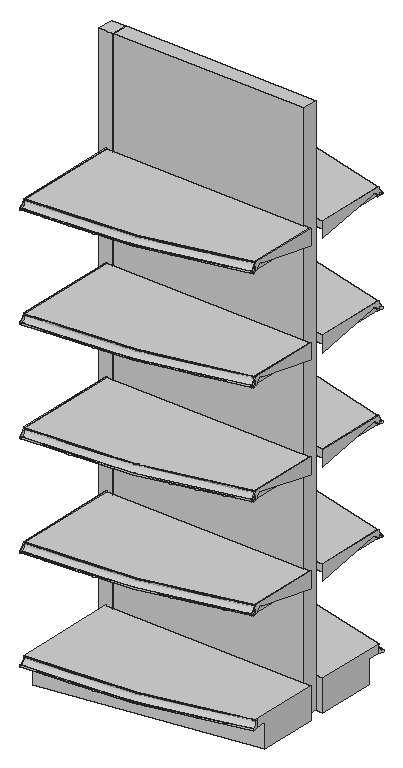
Revit family "ML17", category Specialty Equipment, Revit 2012
Parameters (values of type "Half Radius Convex Small to Big (Default)")
  Width = 3' - 0"
  URL = "http://www.madixinc.com/display/maxiline/shelvesaccessories/halfradiusbase.html"
  Model = "Maxi Line"
  Manufacturer = "© 2012 Madix, Inc. All rights reserved."
  "Front" Base Shelf [instance] = yes
  "Front" 2' Shelf [instance] = yes
  "Front" 3' 6" Shelf [instance] = yes
  "Front" 5' Shelf [instance] = yes
  "Front" 6' 6" Shelf [instance] = yes
  Height = 8' - 0"
  "Back" Base Shelf [instance] = yes
  "Back" 2' Shelf [instance] = yes
  "Back" 3' 6" Shelf [instance] = yes
  "Back" 5' Shelf [instance] = yes
  "Back" 6' 6" Shelf [instance] = yes
  "Front" Shelf Depth = 1' - 6"
  "Back" Shelf Depth = 1' - 6"
Reference planes (in)
  plane 1 "Center (Front/Back)": y = 0
  plane 2: z = 0
  plane 3 "Center (Left/Right)": x = 0
  plane 4: x = -18
  plane 5: x = 18
  plane 6: y = 1.375
  plane 7: y = -1.375
  plane 8: z = 96
  plane 9: x = -19.25
  plane 10: x = -16.75
  plane 11: x = 19.25
  plane 12: x = 16.75
  plane 13: y = -20.25
  plane 14: y = -14.25
  plane 15: y = 20.25
  plane 16: y = 14.25
  plane 17: x = -19.25
  plane 18: x = 19.25
  plane 19: y = -19.375
  plane 20: y = 19.375
  plane 21: y = -13.375
  plane 22: y = 13.375
  plane 23: y = -13.25
  plane 24: y = -19.25
  plane 25: y = 13.25
  plane 26: y = 19.25
  plane 27: x = -17.875
  plane 28: x = 17.875
  plane 29: y = -17.375
  plane 30: y = 17.375
  plane 31: y = -11.375
  plane 32: y = 11.375
  plane 33: z = 5.5
  plane 34: z = 4.125
  plane 35: z = 23.5
  plane 36: z = 41.5
  plane 37: z = 59.5
  plane 38: z = 77.5
  plane 39: z = 22.125
  plane 40: z = 40.125
  plane 41: z = 58.125
  plane 42: z = 76.125
Forms (in)
  Extrusion 1, solid, material "Metal - Steel"
    sketch origin (0, 0, 0) x (1, 0, 0) y (0, 1, 0)
      loop
        line (-16.71875, -1.375) -> (16.71875, -1.375) -> (16.71875, 1.375) -> (-16.71875, 1.375) -> (-16.71875, -1.375)
      loop
        line (-16.75, 1.375) -> (-19.25, 1.375) -> (-19.25, -1.375) -> (-16.75, -1.375) -> (-16.75, 1.375)
    from 0 to 96
  Extrusion 2, solid, material "Metal - Steel", visible <- ""Front" Base Shelf"
    sketch origin (0, 0, 0) x (1, 0, 0) y (0, 1, 0)
      loop
        line (-18, -1.375) -> (-18, -17.375) -> (18, -11.375) -> (18, -1.375) -> (-18, -1.375)
    from 0 to 4.125
  Extrusion 3, solid, material "Metal - Steel", visible <- ""Front" Base Shelf"
    sketch origin (0, 0, 0) x (1, 0, 0) y (0, 1, 0)
      loop
        line (-18, -1.375) -> (-18, -19.25) -> (-17.875, -19.25)
        arc (-17.875, -19.25) -> (0.28456, -17.57775) -> (18, -13.25) r 123.52118
        line (18, -13.25) -> (18, -1.375) -> (-18, -1.375)
    from 4.125 to 5.5
  Extrusion 4, solid, material "Metal - Steel", visible <- ""Back" Base Shelf"
    sketch origin (0, 0, 0) x (1, 0, 0) y (0, 1, 0)
      loop
        line (-18, 1.375) -> (18, 1.375) -> (18, 11.375) -> (-18, 17.375) -> (-18, 1.375)
    from 0 to 4.125
  Extrusion 5, solid, material "Metal - Steel", visible <- ""Back" Base Shelf"
    sketch origin (0, 0, 0) x (1, 0, 0) y (0, 1, 0)
      loop
        line (-18, 1.375) -> (18, 1.375) -> (18, 13.25)
        arc (18, 13.25) -> (0.28456, 17.57775) -> (-17.875, 19.25) r 123.52118
        line (-17.875, 19.25) -> (-18, 19.25) -> (-18, 1.375)
    from 4.125 to 5.5
  Sweep 6, solid, material "Metal - Steel", visible <- ""Front" Base Shelf"
    path in 3D
      loop
        line (-18, -19.25, 5.5) -> (-17.875, -19.25, 5.5)
        arc (-17.875, -19.25, 5.5) -> (0.28456, -17.57775, 5.5) -> (18, -13.25, 5.5) r 123.52118
    profile origin (-17.9375, -19.25, 5.5) x (0, 1, 0) y (0, 0, 1)
      loop
        line (0, 0) -> (-0.25, 0) -> (-0.25, -0.125) -> (-0.125, -0.125)
        arc (-0.125, -0.125) -> (-0.38696, -0.76286) -> (-0.875, -1.25) r 1.75
        line (-0.875, -1.25) -> (-0.875, -1.125) -> (-1, -1.125) -> (-1, -1.375) -> (0, -1.375) -> (0, 0)
  Sweep 7, solid, material "Metal - Steel", visible <- ""Back" Base Shelf"
    path in 3D
      loop
        arc (18, 13.25, 5.5) -> (0.28456, 17.57775, 5.5) -> (-17.875, 19.25, 5.5) r 123.52118
        line (-17.875, 19.25, 5.5) -> (-18, 19.25, 5.5)
    profile origin (-17.9375, 19.25, 5.5) x (0, -1, 0) y (0, 0, 1)
      loop
        line (0, 0) -> (-0.25, 0) -> (-0.25, -0.125) -> (-0.125, -0.125)
        arc (-0.125, -0.125) -> (-0.38696, -0.76286) -> (-0.875, -1.25) r 1.75
        line (-0.875, -1.25) -> (-0.875, -1.125) -> (-1, -1.125) -> (-1, -1.375) -> (0, -1.375) -> (0, 0)
  Extrusion 8, solid, material "Metal - Steel", visible <- ""Front" 2' Shelf"
    sketch origin (0, 0, 0) x (1, 0, 0) y (0, 1, 0)
      loop
        line (-17.875, -1.375) -> (-17.875, -19.25) -> (-17.75, -19.25)
        arc (-17.75, -19.25) -> (0.28602, -17.57718) -> (17.875, -13.25) r 121.89023
        line (17.875, -13.25) -> (17.875, -1.375) -> (-17.875, -1.375)
    from 22.125 to 23.5
  Extrusion 9, solid, material "Metal - Steel", visible <- ""Back" 2' Shelf"
    sketch origin (0, 0, 0) x (1, 0, 0) y (0, 1, 0)
      loop
        line (-17.875, 1.375) -> (17.875, 1.375) -> (17.875, 13.25)
        arc (17.875, 13.25) -> (0.28602, 17.57718) -> (-17.75, 19.25) r 121.89023
        line (-17.75, 19.25) -> (-17.875, 19.25) -> (-17.875, 1.375)
    from 22.125 to 23.5
  Sweep 10, solid, material "Metal - Steel", visible <- ""Front" 2' Shelf"
    path in 3D
      loop
        line (-17.875, -19.25, 23.5) -> (-17.75, -19.25, 23.5)
        arc (-17.75, -19.25, 23.5) -> (0.28602, -17.57718, 23.5) -> (17.875, -13.25, 23.5) r 121.89023
    profile origin (-17.8125, -19.25, 23.5) x (0, 1, 0) y (0, 0, 1)
      loop
        line (0, 0) -> (-0.25, 0) -> (-0.25, -0.125) -> (-0.125, -0.125)
        arc (-0.125, -0.125) -> (-0.38696, -0.76286) -> (-0.875, -1.25) r 1.75
        line (-0.875, -1.25) -> (-0.875, -1.125) -> (-1, -1.125) -> (-1, -1.375) -> (0, -1.375) -> (0, 0)
  Sweep 11, solid, material "Metal - Steel", visible <- ""Back" 2' Shelf"
    path in 3D
      loop
        arc (17.875, 13.25, 23.5) -> (0.28602, 17.57718, 23.5) -> (-17.75, 19.25, 23.5) r 121.89023
        line (-17.75, 19.25, 23.5) -> (-17.875, 19.25, 23.5)
    profile origin (-17.8125, 19.25, 23.5) x (0, -1, 0) y (0, 0, 1)
      loop
        line (0, 0) -> (-0.25, 0) -> (-0.25, -0.125) -> (-0.125, -0.125)
        arc (-0.125, -0.125) -> (-0.38696, -0.76286) -> (-0.875, -1.25) r 1.75
        line (-0.875, -1.25) -> (-0.875, -1.125) -> (-1, -1.125) -> (-1, -1.375) -> (0, -1.375) -> (0, 0)
  Extrusion 12, solid, material "Metal - Steel", visible <- ""Front" 3' 6" Shelf"
    sketch origin (0, 0, 0) x (1, 0, 0) y (0, 1, 0)
      loop
        line (-17.875, -1.375) -> (-17.875, -19.25) -> (-17.75, -19.25)
        arc (-17.75, -19.25) -> (0.28602, -17.57718) -> (17.875, -13.25) r 121.89023
        line (17.875, -13.25) -> (17.875, -1.375) -> (-17.875, -1.375)
    from 40.125 to 41.5
  Extrusion 13, solid, material "Metal - Steel", visible <- ""Front" 5' Shelf"
    sketch origin (0, 0, 0) x (1, 0, 0) y (0, 1, 0)
      loop
        line (-17.875, -1.375) -> (-17.875, -19.25) -> (-17.75, -19.25)
        arc (-17.75, -19.25) -> (0.28602, -17.57718) -> (17.875, -13.25) r 121.89023
        line (17.875, -13.25) -> (17.875, -1.375) -> (-17.875, -1.375)
    from 58.125 to 59.5
  Extrusion 14, solid, material "Metal - Steel", visible <- ""Front" 6' 6" Shelf"
    sketch origin (0, 0, 0) x (1, 0, 0) y (0, 1, 0)
      loop
        line (-17.875, -1.375) -> (-17.875, -19.25) -> (-17.75, -19.25)
        arc (-17.75, -19.25) -> (0.28602, -17.57718) -> (17.875, -13.25) r 121.89023
        line (17.875, -13.25) -> (17.875, -1.375) -> (-17.875, -1.375)
    from 76.125 to 77.5
  Extrusion 15, solid, material "Metal - Steel", visible <- ""Back" 3' 6" Shelf"
    sketch origin (0, 0, 0) x (1, 0, 0) y (0, 1, 0)
      loop
        line (-17.875, 1.375) -> (17.875, 1.375) -> (17.875, 13.25)
        arc (17.875, 13.25) -> (0.28602, 17.57718) -> (-17.75, 19.25) r 121.89023
        line (-17.75, 19.25) -> (-17.875, 19.25) -> (-17.875, 1.375)
    from 40.125 to 41.5
  Extrusion 16, solid, material "Metal - Steel", visible <- ""Back" 5' Shelf"
    sketch origin (0, 0, 0) x (1, 0, 0) y (0, 1, 0)
      loop
        line (-17.875, 1.375) -> (17.875, 1.375) -> (17.875, 13.25)
        arc (17.875, 13.25) -> (0.28602, 17.57718) -> (-17.75, 19.25) r 121.89023
        line (-17.75, 19.25) -> (-17.875, 19.25) -> (-17.875, 1.375)
    from 58.125 to 59.5
  Extrusion 17, solid, material "Metal - Steel", visible <- ""Back" 6' 6" Shelf"
    sketch origin (0, 0, 0) x (1, 0, 0) y (0, 1, 0)
      loop
        line (-17.875, 1.375) -> (17.875, 1.375) -> (17.875, 13.25)
        arc (17.875, 13.25) -> (0.28602, 17.57718) -> (-17.75, 19.25) r 121.89023
        line (-17.75, 19.25) -> (-17.875, 19.25) -> (-17.875, 1.375)
    from 76.125 to 77.5
  Extrusion 18, solid, material "Metal - Steel", visible <- ""Front" 2' Shelf"
    sketch origin (0, 0, 0) x (0, 1, 0) y (0, 0, 1)
      loop
        line (-1.375, 23.5) -> (-19.5, 23.5) -> (-19.5, 23.375)
        arc (-19.5, 23.375) -> (-19.81743, 22.83182) -> (-20.25, 22.375) r 2.75
        line (-20.25, 22.375) -> (-20.25, 22.125) -> (-19.25, 22.125) -> (-19.25, 22.375) -> (-18.5, 23) -> (-18.25, 23) -> (-18.25, 22.875) -> (-1.375, 20.75) -> (-1.375, 23.5)
      loop
        circle (-3.5, 23) r 0.125
      loop
        circle (-16.25, 23) r 0.125
    from -18 to -17.875
  Extrusion 19, solid, material "Metal - Steel", visible <- ""Back" 2' Shelf"
    sketch origin (0, 0, 0) x (0, -1, 0) y (0, 0, -1)
      loop
        line (-1.375, -23.5) -> (-1.375, -20.75) -> (-18.25, -22.875) -> (-18.25, -23) -> (-18.5, -23) -> (-19.25, -22.375) -> (-19.25, -22.125) -> (-20.25, -22.125) -> (-20.25, -22.375)
        arc (-20.25, -22.375) -> (-19.81743, -22.83182) -> (-19.5, -23.375) r 2.75
        line (-19.5, -23.375) -> (-19.5, -23.5) -> (-1.375, -23.5)
      loop
        circle (-9.5, -23) r 0.125
      loop
        circle (-16.25, -23) r 0.125
    from -18 to -17.875
  Extrusion 20, solid, material "Metal - Steel", visible <- ""Front" 2' Shelf"
    sketch origin (0, 0, 0) x (0, 1, 0) y (0, 0, 1)
      loop
        line (-1.375, 23.5) -> (-13.5, 23.5) -> (-13.5, 23.375)
        arc (-13.5, 23.375) -> (-13.81743, 22.83182) -> (-14.25, 22.375) r 2.75
        line (-14.25, 22.375) -> (-14.25, 22.125) -> (-13.25, 22.125) -> (-13.25, 22.375) -> (-12.5, 23) -> (-12.25, 23) -> (-12.25, 22.875) -> (-1.375, 20.75) -> (-1.375, 23.5)
      loop
        circle (-3.5, 23) r 0.125
      loop
        circle (-10.25, 23) r 0.125
    from 17.875 to 18
  Extrusion 21, solid, material "Metal - Steel", visible <- ""Back" 2' Shelf"
    sketch origin (0, 0, 0) x (0, -1, 0) y (0, 0, -1)
      loop
        line (-1.375, -23.5) -> (-1.375, -20.75) -> (-12.25, -22.875) -> (-12.25, -23) -> (-12.5, -23) -> (-13.25, -22.375) -> (-13.25, -22.125) -> (-14.25, -22.125) -> (-14.25, -22.375)
        arc (-14.25, -22.375) -> (-13.81743, -22.83182) -> (-13.5, -23.375) r 2.75
        line (-13.5, -23.375) -> (-13.5, -23.5) -> (-1.375, -23.5)
      loop
        circle (-3.5, -23) r 0.125
      loop
        circle (-10.25, -23) r 0.125
    from 17.875 to 18
  Sweep 22, solid, material "Metal - Steel", visible <- ""Front" 5' Shelf"
    path in 3D
      loop
        line (-17.875, -19.25, 59.5) -> (-17.75, -19.25, 59.5)
        arc (-17.75, -19.25, 59.5) -> (0.28602, -17.57718, 59.5) -> (17.875, -13.25, 59.5) r 121.89023
    profile origin (-17.8125, -19.25, 59.5) x (0, 1, 0) y (0, 0, 1)
      loop
        line (0, 0) -> (-0.25, 0) -> (-0.25, -0.125) -> (-0.125, -0.125)
        arc (-0.125, -0.125) -> (-0.38696, -0.76286) -> (-0.875, -1.25) r 1.74999
        line (-0.875, -1.25) -> (-0.875, -1.125) -> (-1, -1.125) -> (-1, -1.375) -> (0, -1.375) -> (0, 0)
  Sweep 23, solid, material "Metal - Steel", visible <- ""Front" 6' 6" Shelf"
    path in 3D
      loop
        line (-17.875, -19.25, 77.5) -> (-17.75, -19.25, 77.5)
        arc (-17.75, -19.25, 77.5) -> (0.28602, -17.57718, 77.5) -> (17.875, -13.25, 77.5) r 121.89023
    profile origin (-17.8125, -19.25, 77.5) x (0, 1, 0) y (0, 0, 1)
      loop
        line (0, 0) -> (-0.25, 0) -> (-0.25, -0.125) -> (-0.125, -0.125)
        arc (-0.125, -0.125) -> (-0.38696, -0.76286) -> (-0.875, -1.25) r 1.74999
        line (-0.875, -1.25) -> (-0.875, -1.125) -> (-1, -1.125) -> (-1, -1.375) -> (0, -1.375) -> (0, 0)
  Sweep 24, solid, material "Metal - Steel", visible <- ""Back" 3' 6" Shelf"
    path in 3D
      loop
        arc (17.875, 13.25, 41.5) -> (0.28602, 17.57718, 41.5) -> (-17.75, 19.25, 41.5) r 121.89023
        line (-17.75, 19.25, 41.5) -> (-17.875, 19.25, 41.5)
    profile origin (-17.8125, 19.25, 41.5) x (0, -1, 0) y (0, 0, 1)
      loop
        arc (-0.125, -0.125) -> (-0.38696, -0.76286) -> (-0.875, -1.25) r 1.75
        line (-0.875, -1.25) -> (-0.875, -1.125) -> (-1, -1.125) -> (-1, -1.375) -> (0, -1.375) -> (0, 0) -> (-0.25, 0) -> (-0.25, -0.125) -> (-0.125, -0.125)
  Sweep 25, solid, material "Metal - Steel", visible <- ""Back" 5' Shelf"
    path in 3D
      loop
        arc (17.875, 13.25, 59.5) -> (0.28602, 17.57718, 59.5) -> (-17.75, 19.25, 59.5) r 121.89023
        line (-17.75, 19.25, 59.5) -> (-17.875, 19.25, 59.5)
    profile origin (-17.8125, 19.25, 59.5) x (0, -1, 0) y (0, 0, 1)
      loop
        arc (-0.125, -0.125) -> (-0.38696, -0.76286) -> (-0.875, -1.25) r 1.75
        line (-0.875, -1.25) -> (-0.875, -1.125) -> (-1, -1.125) -> (-1, -1.375) -> (0, -1.375) -> (0, 0) -> (-0.25, 0) -> (-0.25, -0.125) -> (-0.125, -0.125)
  Sweep 26, solid, material "Metal - Steel", visible <- ""Back" 6' 6" Shelf"
    path in 3D
      loop
        arc (17.875, 13.25, 77.5) -> (0.28602, 17.57718, 77.5) -> (-17.75, 19.25, 77.5) r 121.89023
        line (-17.75, 19.25, 77.5) -> (-17.875, 19.25, 77.5)
    profile origin (-17.8125, 19.25, 77.5) x (0, -1, 0) y (0, 0, 1)
      loop
        arc (-0.125, -0.125) -> (-0.38696, -0.76286) -> (-0.875, -1.25) r 1.74999
        line (-0.875, -1.25) -> (-0.875, -1.125) -> (-1, -1.125) -> (-1, -1.375) -> (0, -1.375) -> (0, 0) -> (-0.25, 0) -> (-0.25, -0.125) -> (-0.125, -0.125)
  Extrusion 27, solid, material "Metal - Steel", visible <- ""Front" 3' 6" Shelf"
    sketch origin (0, 0, 18) x (0, 1, 0) y (0, 0, 1)
      loop
        line (-1.375, 23.5) -> (-19.5, 23.5) -> (-19.5, 23.375)
        arc (-19.5, 23.375) -> (-19.81743, 22.83182) -> (-20.25, 22.375) r 2.75
        line (-20.25, 22.375) -> (-20.25, 22.125) -> (-19.25, 22.125) -> (-19.25, 22.375) -> (-18.5, 23) -> (-18.25, 23) -> (-18.25, 22.875) -> (-1.375, 20.75) -> (-1.375, 23.5)
      loop
        circle (-3.5, 23) r 0.125
      loop
        circle (-16.25, 23) r 0.125
    from -18 to -17.875
  Extrusion 28, solid, material "Metal - Steel", visible <- ""Front" 5' Shelf"
    sketch origin (0, 0, 36) x (0, 1, 0) y (0, 0, 1)
      loop
        line (-1.375, 23.5) -> (-19.5, 23.5) -> (-19.5, 23.375)
        arc (-19.5, 23.375) -> (-19.81743, 22.83182) -> (-20.25, 22.375) r 2.75
        line (-20.25, 22.375) -> (-20.25, 22.125) -> (-19.25, 22.125) -> (-19.25, 22.375) -> (-18.5, 23) -> (-18.25, 23) -> (-18.25, 22.875) -> (-1.375, 20.75) -> (-1.375, 23.5)
      loop
        circle (-3.5, 23) r 0.125
      loop
        circle (-16.25, 23) r 0.125
    from -18 to -17.875
  Extrusion 29, solid, material "Metal - Steel", visible <- ""Front" 6' 6" Shelf"
    sketch origin (0, 0, 54) x (0, 1, 0) y (0, 0, 1)
      loop
        line (-1.375, 23.5) -> (-19.5, 23.5) -> (-19.5, 23.375)
        arc (-19.5, 23.375) -> (-19.81743, 22.83182) -> (-20.25, 22.375) r 2.75
        line (-20.25, 22.375) -> (-20.25, 22.125) -> (-19.25, 22.125) -> (-19.25, 22.375) -> (-18.5, 23) -> (-18.25, 23) -> (-18.25, 22.875) -> (-1.375, 20.75) -> (-1.375, 23.5)
      loop
        circle (-3.5, 23) r 0.125
      loop
        circle (-16.25, 23) r 0.125
    from -18 to -17.875
  Extrusion 30, solid, material "Metal - Steel", visible <- ""Back" 6' 6" Shelf"
    sketch origin (0, 0, 54) x (0, -1, 0) y (0, 0, -1)
      loop
        line (-1.375, -23.5) -> (-1.375, -20.75) -> (-18.25, -22.875) -> (-18.25, -23) -> (-18.5, -23) -> (-19.25, -22.375) -> (-19.25, -22.125) -> (-20.25, -22.125) -> (-20.25, -22.375)
        arc (-20.25, -22.375) -> (-19.81743, -22.83182) -> (-19.5, -23.375) r 2.75
        line (-19.5, -23.375) -> (-19.5, -23.5) -> (-1.375, -23.5)
      loop
        circle (-3.5, -23) r 0.125
      loop
        circle (-16.25, -23) r 0.125
    from -18 to -17.875
  Extrusion 31, solid, material "Metal - Steel", visible <- ""Back" 5' Shelf"
    sketch origin (0, 0, 36) x (0, -1, 0) y (0, 0, -1)
      loop
        line (-1.375, -23.5) -> (-1.375, -20.75) -> (-18.25, -22.875) -> (-18.25, -23) -> (-18.5, -23) -> (-19.25, -22.375) -> (-19.25, -22.125) -> (-20.25, -22.125) -> (-20.25, -22.375)
        arc (-20.25, -22.375) -> (-19.81743, -22.83182) -> (-19.5, -23.375) r 2.75
        line (-19.5, -23.375) -> (-19.5, -23.5) -> (-1.375, -23.5)
      loop
        circle (-3.5, -23) r 0.125
      loop
        circle (-16.25, -23) r 0.125
    from -18 to -17.875
  Extrusion 32, solid, material "Metal - Steel", visible <- ""Back" 3' 6" Shelf"
    sketch origin (0, 0, 18) x (0, -1, 0) y (0, 0, -1)
      loop
        line (-1.375, -23.5) -> (-1.375, -20.75) -> (-18.25, -22.875) -> (-18.25, -23) -> (-18.5, -23) -> (-19.25, -22.375) -> (-19.25, -22.125) -> (-20.25, -22.125) -> (-20.25, -22.375)
        arc (-20.25, -22.375) -> (-19.81743, -22.83182) -> (-19.5, -23.375) r 2.75
        line (-19.5, -23.375) -> (-19.5, -23.5) -> (-1.375, -23.5)
      loop
        circle (-3.5, -23) r 0.125
      loop
        circle (-16.25, -23) r 0.125
    from -18 to -17.875
  Extrusion 33, solid, material "Metal - Steel", visible <- ""Back" 3' 6" Shelf"
    sketch origin (0, 0, 18) x (0, -1, 0) y (0, 0, -1)
      loop
        line (-1.375, -23.5) -> (-1.375, -20.75) -> (-12.25, -22.875) -> (-12.25, -23) -> (-12.5, -23) -> (-13.25, -22.375) -> (-13.25, -22.125) -> (-14.25, -22.125) -> (-14.25, -22.375)
        arc (-14.25, -22.375) -> (-13.81743, -22.83182) -> (-13.5, -23.375) r 2.75
        line (-13.5, -23.375) -> (-13.5, -23.5) -> (-1.375, -23.5)
      loop
        circle (-3.5, -23) r 0.125
      loop
        circle (-10.25, -23) r 0.125
    from 17.875 to 18
  Extrusion 34, solid, material "Metal - Steel", visible <- ""Back" 5' Shelf"
    sketch origin (0, 0, 36) x (0, -1, 0) y (0, 0, -1)
      loop
        line (-1.375, -23.5) -> (-1.375, -20.75) -> (-12.25, -22.875) -> (-12.25, -23) -> (-12.5, -23) -> (-13.25, -22.375) -> (-13.25, -22.125) -> (-14.25, -22.125) -> (-14.25, -22.375)
        arc (-14.25, -22.375) -> (-13.81743, -22.83182) -> (-13.5, -23.375) r 2.75
        line (-13.5, -23.375) -> (-13.5, -23.5) -> (-1.375, -23.5)
      loop
        circle (-3.5, -23) r 0.125
      loop
        circle (-10.25, -23) r 0.125
    from 17.875 to 18
  Extrusion 35, solid, material "Metal - Steel", visible <- ""Back" 6' 6" Shelf"
    sketch origin (0, 0, 54) x (0, -1, 0) y (0, 0, -1)
      loop
        line (-1.375, -23.5) -> (-1.375, -20.75) -> (-12.25, -22.875) -> (-12.25, -23) -> (-12.5, -23) -> (-13.25, -22.375) -> (-13.25, -22.125) -> (-14.25, -22.125) -> (-14.25, -22.375)
        arc (-14.25, -22.375) -> (-13.81743, -22.83182) -> (-13.5, -23.375) r 2.75
        line (-13.5, -23.375) -> (-13.5, -23.5) -> (-1.375, -23.5)
      loop
        circle (-3.5, -23) r 0.125
      loop
        circle (-10.25, -23) r 0.125
    from 17.875 to 18
  Extrusion 36, solid, material "Metal - Steel", visible <- ""Front" 6' 6" Shelf"
    sketch origin (0, 0, 54) x (0, 1, 0) y (0, 0, 1)
      loop
        line (-1.375, 23.5) -> (-13.5, 23.5) -> (-13.5, 23.375)
        arc (-13.5, 23.375) -> (-13.81743, 22.83182) -> (-14.25, 22.375) r 2.75
        line (-14.25, 22.375) -> (-14.25, 22.125) -> (-13.25, 22.125) -> (-13.25, 22.375) -> (-12.5, 23) -> (-12.25, 23) -> (-12.25, 22.875) -> (-1.375, 20.75) -> (-1.375, 23.5)
      loop
        circle (-3.5, 23) r 0.125
      loop
        circle (-10.25, 23) r 0.125
    from 17.875 to 18
  Extrusion 37, solid, material "Metal - Steel", visible <- ""Front" 5' Shelf"
    sketch origin (0, 0, 36) x (0, 1, 0) y (0, 0, 1)
      loop
        line (-1.375, 23.5) -> (-13.5, 23.5) -> (-13.5, 23.375)
        arc (-13.5, 23.375) -> (-13.81743, 22.83182) -> (-14.25, 22.375) r 2.75
        line (-14.25, 22.375) -> (-14.25, 22.125) -> (-13.25, 22.125) -> (-13.25, 22.375) -> (-12.5, 23) -> (-12.25, 23) -> (-12.25, 22.875) -> (-1.375, 20.75) -> (-1.375, 23.5)
      loop
        circle (-3.5, 23) r 0.125
      loop
        circle (-10.25, 23) r 0.125
    from 17.875 to 18
  Extrusion 38, solid, material "Metal - Steel", visible <- ""Front" 3' 6" Shelf"
    sketch origin (0, 0, 18) x (0, 1, 0) y (0, 0, 1)
      loop
        line (-1.375, 23.5) -> (-13.5, 23.5) -> (-13.5, 23.375)
        arc (-13.5, 23.375) -> (-13.81743, 22.83182) -> (-14.25, 22.375) r 2.75
        line (-14.25, 22.375) -> (-14.25, 22.125) -> (-13.25, 22.125) -> (-13.25, 22.375) -> (-12.5, 23) -> (-12.25, 23) -> (-12.25, 22.875) -> (-1.375, 20.75) -> (-1.375, 23.5)
      loop
        circle (-3.5, 23) r 0.125
      loop
        circle (-10.25, 23) r 0.125
    from 17.875 to 18
  Sweep 39, solid, material "Metal - Steel", visible <- ""Front" 3' 6" Shelf"
    path in 3D
      loop
        line (-17.875, -19.25, 41.5) -> (-17.75, -19.25, 41.5)
        arc (-17.75, -19.25, 41.5) -> (0.28602, -17.57718, 41.5) -> (17.875, -13.25, 41.5) r 121.89023
    profile origin (-17.8125, -19.25, 41.5) x (0, 1, 0) y (0, 0, 1)
      loop
        line (0, 0) -> (-0.25, 0) -> (-0.25, -0.125) -> (-0.125, -0.125)
        arc (-0.125, -0.125) -> (-0.38696, -0.76286) -> (-0.875, -1.25) r 1.75
        line (-0.875, -1.25) -> (-0.875, -1.125) -> (-1, -1.125) -> (-1, -1.375) -> (0, -1.375) -> (0, 0)
Cuts and joins
  joined: Extrusion 4, Extrusion 5, Sweep 7
  joined: Extrusion 2, Extrusion 3, Sweep 6
  joined: Extrusion 9, Sweep 11
  joined: Extrusion 8, Sweep 10
  joined: Extrusion 13, Sweep 22
  joined: Extrusion 14, Sweep 23
  joined: Extrusion 15, Sweep 24
  joined: Extrusion 16, Sweep 25
  joined: Extrusion 17, Sweep 26
  joined: Extrusion 12, Sweep 39
Lines and regions (in)
  sketch lines
    curve 1: line (-18, -19.25, 5.5) -> (-17.875, -19.25, 5.5)
    curve 2: arc (18, -13.25, 5.5) -> (0.28456, -17.57775, 5.5) -> (-17.875, -19.25, 5.5) r 123.52118
    curve 3: line (-17.875, 19.25, 5.5) -> (-18, 19.25, 5.5)
    curve 4: arc (-17.875, 19.25, 5.5) -> (0.28456, 17.57775, 5.5) -> (18, 13.25, 5.5) r 123.52118
    curve 5: line (-17.875, -19.25, 23.5) -> (-17.75, -19.25, 23.5)
    curve 6: arc (17.875, -13.25, 23.5) -> (0.28602, -17.57718, 23.5) -> (-17.75, -19.25, 23.5) r 121.89023
    curve 7: line (-17.75, 19.25, 23.5) -> (-17.875, 19.25, 23.5)
    curve 8: arc (-17.75, 19.25, 23.5) -> (0.28602, 17.57718, 23.5) -> (17.875, 13.25, 23.5) r 121.89023
    curve 9: line (-17.875, -19.25, 59.5) -> (-17.75, -19.25, 59.5)
    curve 10: arc (17.875, -13.25, 59.5) -> (0.28602, -17.57718, 59.5) -> (-17.75, -19.25, 59.5) r 121.89023
    curve 11: line (-17.875, -19.25, 77.5) -> (-17.75, -19.25, 77.5)
    curve 12: arc (17.875, -13.25, 77.5) -> (0.28602, -17.57718, 77.5) -> (-17.75, -19.25, 77.5) r 121.89023
    curve 13: line (-17.75, 19.25, 41.5) -> (-17.875, 19.25, 41.5)
    curve 14: arc (-17.75, 19.25, 41.5) -> (0.28602, 17.57718, 41.5) -> (17.875, 13.25, 41.5) r 121.89023
    curve 15: line (-17.75, 19.25, 59.5) -> (-17.875, 19.25, 59.5)
    curve 16: arc (-17.75, 19.25, 59.5) -> (0.28602, 17.57718, 59.5) -> (17.875, 13.25, 59.5) r 121.89023
    curve 17: line (-17.75, 19.25, 77.5) -> (-17.875, 19.25, 77.5)
    curve 18: arc (-17.75, 19.25, 77.5) -> (0.28602, 17.57718, 77.5) -> (17.875, 13.25, 77.5) r 121.89023
    curve 19: line (-17.875, -19.25, 41.5) -> (-17.75, -19.25, 41.5)
    curve 20: arc (17.875, -13.25, 41.5) -> (0.28602, -17.57718, 41.5) -> (-17.75, -19.25, 41.5) r 121.89023
Dimensions and locks (in)
  "Height": plane 8 to level
  equal spacing: plane 4, plane 3 "Center (Left/Right)", plane 5
  "Width": plane 4 to plane 5
  locked: plane 9 to plane 10 at 2.5
  locked: plane 12 to plane 11 at 2.5
  locked: plane 17 to plane 4 at 1.25
  locked: plane 5 to plane 18 at 1.25
  ""Front" Shelf Depth": plane 19 to plane 7
  ""Back" Shelf Depth": plane 6 to plane 20
  locked: plane 21 to plane 19 at 6
  locked: plane 22 to plane 20 at 6
  locked: plane 19 to plane 13 at 0.875
  locked: plane 21 to plane 14 at 0.875
  locked: plane 16 to plane 22 at 0.875
  locked: plane 20 to plane 15 at 0.875
  locked: plane 23 to plane 21 at 0.125
  locked: plane 24 to plane 19 at 0.125
  locked: plane 25 to plane 22 at 0.125
  locked: plane 26 to plane 20 at 0.125
  locked: plane 4 to plane 27 at 0.125
  locked: plane 28 to plane 5 at 0.125
  locked: plane 31 to plane 21 at 2
  locked: plane 29 to plane 19 at 2
  locked: plane 22 to plane 32 at 2
  locked: plane 20 to plane 30 at 2
  aligned and locked: level to plane 2
  aligned and locked: plane 8 to Extrusion 1
  aligned and locked: plane 11 to plane 18
  aligned and locked: plane 9 to plane 17
  aligned and locked: Extrusion 18 to plane 4
  aligned and locked: plane 27 to Extrusion 18
  aligned and locked: Extrusion 20 to plane 5
  aligned and locked: plane 28 to Extrusion 20
  aligned and locked: Extrusion 21 to plane 5
  aligned and locked: plane 28 to Extrusion 21
  aligned and locked: plane 27 to Extrusion 19
  aligned and locked: Extrusion 19 to plane 4
  aligned and locked: Extrusion 30 to plane 4
  aligned and locked: plane 27 to Extrusion 30
  aligned and locked: Extrusion 31 to plane 4
  aligned and locked: plane 27 to Extrusion 31
  aligned and locked: Extrusion 32 to plane 4
  aligned and locked: plane 27 to Extrusion 32
  aligned and locked: Extrusion 35 to plane 5
  aligned and locked: plane 28 to Extrusion 35
  aligned and locked: Extrusion 34 to plane 5
  aligned and locked: plane 28 to Extrusion 34
  aligned and locked: Extrusion 33 to plane 5
  aligned and locked: plane 28 to Extrusion 33
  aligned and locked: Extrusion 36 to plane 5
  aligned and locked: plane 28 to Extrusion 36
  aligned and locked: Extrusion 37 to plane 5
  aligned and locked: plane 28 to Extrusion 37
  aligned and locked: Extrusion 38 to plane 5
  aligned and locked: plane 28 to Extrusion 38
  aligned and locked: Extrusion 29 to plane 4
  aligned and locked: plane 27 to Extrusion 29
  aligned and locked: Extrusion 28 to plane 4
  aligned and locked: plane 27 to Extrusion 28
  aligned and locked: Extrusion 27 to plane 4
  aligned and locked: plane 27 to Extrusion 27
Automatic sketch dimensions
  Extrusion 2 sketch curve to plane 4 = 0' - 0"
  Extrusion 2 sketch curve to plane 5 = 0' - 0"
  plane 29 to Extrusion 2 sketch curve = 0' - 0"
  Extrusion 2 sketch curve to plane 31 = 0' - 0"
  plane 7 to Extrusion 2 sketch curve = 0' - 0"
  Extrusion 3 sketch curve to plane 4 = 0' - 0"
  Extrusion 3 sketch curve to plane 24 = 0' - 0"
  Extrusion 3 sketch curve to plane 27 = 0' - 0"
  Extrusion 3 sketch curve to plane 5 = 0' - 0"
  Extrusion 3 sketch curve to plane 23 = 0' - 0"
  plane 7 to Extrusion 3 sketch curve = 0' - 0"
  Extrusion 3 sketch curve to plane 9 = 0' - 0.84103"
  Extrusion 4 sketch curve to plane 4 = 0' - 0"
  Extrusion 4 sketch curve to plane 5 = 0' - 0"
  Extrusion 4 sketch curve to plane 30 = 0' - 0"
  plane 32 to Extrusion 4 sketch curve = 0' - 0"
  Extrusion 4 sketch curve to plane 6 = 0' - 0"
  Extrusion 5 sketch curve to plane 4 = 0' - 0"
  plane 26 to Extrusion 5 sketch curve = 0' - 0"
  Extrusion 5 sketch curve to plane 27 = 0' - 0"
  Extrusion 5 sketch curve to plane 5 = 0' - 0"
  plane 25 to Extrusion 5 sketch curve = 0' - 0"
  Extrusion 5 sketch curve to plane 6 = 0' - 0"
  plane 9 to Extrusion 5 sketch curve = 0' - 0.84103"
  Sweep 6 sketch curve to profile plane = 0' - 0"  (x2)
  profile plane to Sweep 6 sketch curve = 0' - 0 1/8"
  Sweep 6 sketch curve to Sweep 6 sketch curve = 0' - 0 1/8"  (x5)
  profile plane to Sweep 6 sketch curve = 0' - 0 7/8"
  profile plane to Sweep 6 sketch curve = 0' - 0.20787"
  Sweep 6 sketch curve to Sweep 6 sketch curve = 0' - 0.84305"
  Sweep 7 sketch curve to profile plane = 0' - 0"  (x2)
  profile plane to Sweep 7 sketch curve = 0' - 0 1/8"
  Sweep 7 sketch curve to Sweep 7 sketch curve = 0' - 0 1/8"  (x5)
  profile plane to Sweep 7 sketch curve = 0' - 0 7/8"
  profile plane to Sweep 7 sketch curve = 0' - 0.20787"
  Sweep 7 sketch curve to Sweep 7 sketch curve = 0' - 0.84305"
  plane 7 to Extrusion 8 sketch curve = 0' - 0"
  Extrusion 8 sketch curve to plane 27 = 0' - 0"
  Extrusion 8 sketch curve to plane 24 = 0' - 0"
  Extrusion 8 sketch curve to plane 28 = 0' - 0"
  Extrusion 8 sketch curve to plane 23 = 0' - 0"
  Extrusion 8 sketch curve to plane 9 = 0' - 0.70775"
  plane 27 to Extrusion 8 sketch curve = 0' - 0 1/8"
  Extrusion 9 sketch curve to plane 6 = 0' - 0"
  Extrusion 9 sketch curve to plane 27 = 0' - 0"
  plane 26 to Extrusion 9 sketch curve = 0' - 0"
  Extrusion 9 sketch curve to plane 28 = 0' - 0"
  plane 25 to Extrusion 9 sketch curve = 0' - 0"
  plane 9 to Extrusion 9 sketch curve = 0' - 0.70775"
  Extrusion 9 sketch curve to plane 27 = 0' - 0 1/8"
  Sweep 10 sketch curve to profile plane = 0' - 0"  (x2)
  profile plane to Sweep 10 sketch curve = 0' - 0 1/8"
  Sweep 10 sketch curve to Sweep 10 sketch curve = 0' - 0 1/8"  (x4)
  profile plane to Sweep 10 sketch curve = 0' - 0 7/8"
  profile plane to Sweep 10 sketch curve = 0' - 0.20787"
  Sweep 10 sketch curve to Sweep 10 sketch curve = 0' - 0.84305"
  Sweep 10 sketch curve to profile plane = 0' - 0 1/8"
  Sweep 11 sketch curve to profile plane = 0' - 0"  (x2)
  profile plane to Sweep 11 sketch curve = 0' - 0 1/8"
  Sweep 11 sketch curve to Sweep 11 sketch curve = 0' - 0 1/8"  (x4)
  profile plane to Sweep 11 sketch curve = 0' - 0 7/8"
  profile plane to Sweep 11 sketch curve = 0' - 0.20787"
  Sweep 11 sketch curve to Sweep 11 sketch curve = 0' - 0.84305"
  Sweep 11 sketch curve to profile plane = 0' - 0 1/8"
  Extrusion 12 sketch curve to plane 24 = 0' - 0"
  Extrusion 12 sketch curve to plane 27 = 0' - 0"
  plane 7 to Extrusion 12 sketch curve = 0' - 0"
  Extrusion 12 sketch curve to plane 28 = 0' - 0"
  Extrusion 12 sketch curve to plane 23 = 0' - 0"
  Extrusion 12 sketch curve to plane 9 = 0' - 0.70775"
  plane 27 to Extrusion 12 sketch curve = 0' - 0 1/8"
  Extrusion 13 sketch curve to plane 24 = 0' - 0"
  Extrusion 13 sketch curve to plane 27 = 0' - 0"
  plane 7 to Extrusion 13 sketch curve = 0' - 0"
  Extrusion 13 sketch curve to plane 28 = 0' - 0"
  Extrusion 13 sketch curve to plane 23 = 0' - 0"
  Extrusion 13 sketch curve to plane 9 = 0' - 0.70775"
  plane 27 to Extrusion 13 sketch curve = 0' - 0 1/8"
  Extrusion 14 sketch curve to plane 24 = 0' - 0"
  Extrusion 14 sketch curve to plane 27 = 0' - 0"
  plane 7 to Extrusion 14 sketch curve = 0' - 0"
  Extrusion 14 sketch curve to plane 28 = 0' - 0"
  Extrusion 14 sketch curve to plane 23 = 0' - 0"
  Extrusion 14 sketch curve to plane 9 = 0' - 0.70775"
  plane 27 to Extrusion 14 sketch curve = 0' - 0 1/8"
  plane 26 to Extrusion 15 sketch curve = 0' - 0"
  Extrusion 15 sketch curve to plane 27 = 0' - 0"
  Extrusion 15 sketch curve to plane 6 = 0' - 0"
  Extrusion 15 sketch curve to plane 28 = 0' - 0"
  plane 25 to Extrusion 15 sketch curve = 0' - 0"
  plane 9 to Extrusion 15 sketch curve = 0' - 0.70775"
  Extrusion 15 sketch curve to plane 27 = 0' - 0 1/8"
  plane 26 to Extrusion 16 sketch curve = 0' - 0"
  Extrusion 16 sketch curve to plane 27 = 0' - 0"
  Extrusion 16 sketch curve to plane 6 = 0' - 0"
  Extrusion 16 sketch curve to plane 28 = 0' - 0"
  plane 25 to Extrusion 16 sketch curve = 0' - 0"
  plane 9 to Extrusion 16 sketch curve = 0' - 0.70775"
  Extrusion 16 sketch curve to plane 27 = 0' - 0 1/8"
  plane 26 to Extrusion 17 sketch curve = 0' - 0"
  Extrusion 17 sketch curve to plane 27 = 0' - 0"
  Extrusion 17 sketch curve to plane 6 = 0' - 0"
  Extrusion 17 sketch curve to plane 28 = 0' - 0"
  plane 25 to Extrusion 17 sketch curve = 0' - 0"
  plane 9 to Extrusion 17 sketch curve = 0' - 0.70775"
  Extrusion 17 sketch curve to plane 27 = 0' - 0 1/8"
  Extrusion 18 sketch curve to plane 13 = 0' - 0"
  plane 35 to Extrusion 18 sketch curve = 0' - 0"
  Extrusion 18 sketch curve to plane 24 = 0' - 0"
  Extrusion 18 sketch curve to plane 7 = 0' - 0"
  plane 39 to Extrusion 18 sketch curve = 0' - 0"
  Extrusion 18 sketch curve to plane 35 = 0' - 0.98182"
  Extrusion 18 sketch curve to plane 13 = 0' - 1.76743"
  Extrusion 18 sketch curve to plane 19 = 0' - 0 1/8"
  plane 24 to Extrusion 18 sketch curve = 0' - 0 3/4"
  Extrusion 18 sketch curve to Extrusion 18 sketch curve = 0' - 0 1/4"  (x3)
  plane 35 to Extrusion 18 sketch curve = 0' - 0 1/2"  (x2)
  Extrusion 18 sketch curve to plane 29 = 0' - 1 1/8"
  plane 7 to Extrusion 18 sketch curve = 0' - 2 1/8"
  plane 39 to Extrusion 18 sketch curve = 0' - 1 3/8"
  plane 35 to Extrusion 18 sketch curve = 0' - 0 5/8"
  Extrusion 18 sketch curve to Extrusion 18 sketch curve = 0' - 0 1/8"
  Extrusion 19 sketch curve to plane 15 = 0' - 0"
  plane 35 to Extrusion 19 sketch curve = 0' - 0"
  Extrusion 19 sketch curve to plane 26 = 0' - 0"
  Extrusion 19 sketch curve to plane 6 = 0' - 0"
  plane 39 to Extrusion 19 sketch curve = 0' - 0"
  plane 35 to Extrusion 19 sketch curve = 0' - 0.98182"
  plane 15 to Extrusion 19 sketch curve = 0' - 1.76743"
  plane 20 to Extrusion 19 sketch curve = 0' - 0 1/8"
  Extrusion 19 sketch curve to plane 26 = 0' - 0 3/4"
  Extrusion 19 sketch curve to Extrusion 19 sketch curve = 0' - 0 1/4"
  Extrusion 19 sketch curve to plane 35 = 0' - 0 1/2"  (x2)
  plane 30 to Extrusion 19 sketch curve = 0' - 1 1/8"
  Extrusion 19 sketch curve to plane 32 = 0' - 1 7/8"
  Extrusion 19 sketch curve to plane 39 = 0' - 1 3/8"
  plane 39 to Extrusion 19 sketch curve = 0' - 0 1/4"  (x2)
  Extrusion 19 sketch curve to plane 35 = 0' - 0 5/8"
  Extrusion 19 sketch curve to Extrusion 19 sketch curve = 0' - 0 1/8"
  Extrusion 20 sketch curve to plane 14 = 0' - 0"
  plane 35 to Extrusion 20 sketch curve = 0' - 0"
  Extrusion 20 sketch curve to plane 23 = 0' - 0"
  Extrusion 20 sketch curve to plane 7 = 0' - 0"
  plane 39 to Extrusion 20 sketch curve = 0' - 0"
  Extrusion 20 sketch curve to plane 29 = 0' - 1.35757"
  Extrusion 20 sketch curve to plane 21 = 0' - 0 1/8"
  plane 23 to Extrusion 20 sketch curve = 0' - 0 3/4"
  Extrusion 20 sketch curve to Extrusion 20 sketch curve = 0' - 0 1/4"  (x3)
  plane 35 to Extrusion 20 sketch curve = 0' - 0 1/2"  (x2)
  plane 31 to Extrusion 20 sketch curve = 0' - 1 1/8"
  plane 7 to Extrusion 20 sketch curve = 0' - 2 1/8"
  plane 39 to Extrusion 20 sketch curve = 0' - 1 3/8"
  plane 35 to Extrusion 20 sketch curve = 0' - 0 5/8"
  Extrusion 20 sketch curve to Extrusion 20 sketch curve = 0' - 0 1/8"
  plane 35 to Extrusion 20 sketch curve = 0' - 0 1/8"
  Extrusion 21 sketch curve to plane 16 = 0' - 0"
  plane 35 to Extrusion 21 sketch curve = 0' - 0"
  Extrusion 21 sketch curve to plane 25 = 0' - 0"
  Extrusion 21 sketch curve to plane 6 = 0' - 0"
  plane 39 to Extrusion 21 sketch curve = 0' - 0"
  plane 30 to Extrusion 21 sketch curve = 0' - 1.35757"
  plane 22 to Extrusion 21 sketch curve = 0' - 0 1/8"
  Extrusion 21 sketch curve to plane 25 = 0' - 0 3/4"
  Extrusion 21 sketch curve to Extrusion 21 sketch curve = 0' - 0 1/4"  (x3)
  Extrusion 21 sketch curve to plane 35 = 0' - 0 1/2"  (x2)
  Extrusion 21 sketch curve to plane 32 = 0' - 1 1/8"
  Extrusion 21 sketch curve to plane 6 = 0' - 2 1/8"
  Extrusion 21 sketch curve to plane 39 = 0' - 1 3/8"
  Extrusion 21 sketch curve to plane 35 = 0' - 0 5/8"
  Extrusion 21 sketch curve to Extrusion 21 sketch curve = 0' - 0 1/8"  (x2)
  Sweep 22 sketch curve to profile plane = 0' - 0"  (x2)
  profile plane to Sweep 22 sketch curve = 0' - 0 1/8"
  Sweep 22 sketch curve to Sweep 22 sketch curve = 0' - 0 1/8"  (x4)
  profile plane to Sweep 22 sketch curve = 0' - 0 7/8"
  profile plane to Sweep 22 sketch curve = 0' - 0.20786"
  Sweep 22 sketch curve to Sweep 22 sketch curve = 0' - 0.84305"
  Sweep 22 sketch curve to profile plane = 0' - 0 1/8"
  Sweep 23 sketch curve to profile plane = 0' - 0"  (x2)
  profile plane to Sweep 23 sketch curve = 0' - 0 1/8"
  Sweep 23 sketch curve to Sweep 23 sketch curve = 0' - 0 1/8"  (x4)
  profile plane to Sweep 23 sketch curve = 0' - 0 7/8"
  profile plane to Sweep 23 sketch curve = 0' - 0.20786"
  Sweep 23 sketch curve to Sweep 23 sketch curve = 0' - 0.84305"
  Sweep 23 sketch curve to profile plane = 0' - 0 1/8"
  Sweep 24 sketch curve to profile plane = 0' - 0"  (x2)
  profile plane to Sweep 24 sketch curve = 0' - 0 1/8"
  Sweep 24 sketch curve to Sweep 24 sketch curve = 0' - 0 1/8"  (x4)
  profile plane to Sweep 24 sketch curve = 0' - 0 7/8"
  profile plane to Sweep 24 sketch curve = 0' - 0.20787"
  Sweep 24 sketch curve to Sweep 24 sketch curve = 0' - 0.84305"
  Sweep 24 sketch curve to profile plane = 0' - 0 1/8"
  profile plane to Sweep 25 sketch curve = 0' - 0.20787"
  profile plane to Sweep 25 sketch curve = 0' - 1.84305"
  profile plane to Sweep 25 sketch curve = 0' - 1"
  Sweep 25 sketch curve to Sweep 25 sketch curve = 0' - 0 1/8"  (x3)
  Sweep 25 sketch curve to profile plane = 0' - 0"  (x2)
  profile plane to Sweep 25 sketch curve = 0' - 0 1/4"
  profile plane to Sweep 25 sketch curve = 0' - 0 1/8"
  Sweep 25 sketch curve to profile plane = 0' - 0 1/8"
  Sweep 26 sketch curve to profile plane = 0' - 0"  (x2)
  profile plane to Sweep 26 sketch curve = 0' - 0 1/8"
  Sweep 26 sketch curve to Sweep 26 sketch curve = 0' - 0 1/8"  (x4)
  profile plane to Sweep 26 sketch curve = 0' - 0 7/8"
  profile plane to Sweep 26 sketch curve = 0' - 0.20786"
  Sweep 26 sketch curve to Sweep 26 sketch curve = 0' - 0.84305"
  Sweep 26 sketch curve to profile plane = 0' - 0 1/8"
  Extrusion 27 sketch curve to plane 13 = 0' - 0"
  Extrusion 27 sketch curve to plane 36 = 0' - 0"
  Extrusion 27 sketch curve to plane 24 = 0' - 0"
  Extrusion 27 sketch curve to plane 7 = 0' - 0"
  plane 40 to Extrusion 27 sketch curve = 0' - 0"
  plane 36 to Extrusion 27 sketch curve = 0' - 0.98182"
  Extrusion 27 sketch curve to plane 13 = 0' - 1.76743"
  Extrusion 27 sketch curve to plane 19 = 0' - 0 1/8"
  plane 24 to Extrusion 27 sketch curve = 0' - 0 3/4"
  Extrusion 27 sketch curve to Extrusion 27 sketch curve = 0' - 0 1/4"  (x3)
  Extrusion 27 sketch curve to plane 36 = 0' - 0 1/2"  (x2)
  Extrusion 27 sketch curve to plane 29 = 0' - 1 1/8"
  plane 7 to Extrusion 27 sketch curve = 0' - 2 1/8"
  plane 40 to Extrusion 27 sketch curve = 0' - 1 3/8"
  Extrusion 27 sketch curve to plane 36 = 0' - 0 5/8"
  Extrusion 27 sketch curve to Extrusion 27 sketch curve = 0' - 0 1/8"
  Extrusion 28 sketch curve to plane 13 = 0' - 0"
  Extrusion 28 sketch curve to plane 37 = 0' - 0"
  Extrusion 28 sketch curve to plane 24 = 0' - 0"
  Extrusion 28 sketch curve to plane 7 = 0' - 0"
  Extrusion 28 sketch curve to plane 41 = 0' - 0"
  plane 37 to Extrusion 28 sketch curve = 0' - 0.98182"
  Extrusion 28 sketch curve to plane 13 = 0' - 1.76743"
  Extrusion 28 sketch curve to plane 19 = 0' - 0 1/8"
  plane 24 to Extrusion 28 sketch curve = 0' - 0 3/4"
  Extrusion 28 sketch curve to Extrusion 28 sketch curve = 0' - 0 1/4"  (x3)
  Extrusion 28 sketch curve to plane 37 = 0' - 0 1/2"  (x2)
  Extrusion 28 sketch curve to plane 29 = 0' - 1 1/8"
  plane 7 to Extrusion 28 sketch curve = 0' - 2 1/8"
  Extrusion 28 sketch curve to plane 41 = 0' - 1 3/8"
  Extrusion 28 sketch curve to plane 37 = 0' - 0 5/8"
  Extrusion 28 sketch curve to Extrusion 28 sketch curve = 0' - 0 1/8"
  Extrusion 29 sketch curve to plane 13 = 0' - 0"
  plane 38 to Extrusion 29 sketch curve = 0' - 0"
  Extrusion 29 sketch curve to plane 24 = 0' - 0"
  Extrusion 29 sketch curve to plane 7 = 0' - 0"
  Extrusion 29 sketch curve to plane 42 = 0' - 0"
  Extrusion 29 sketch curve to plane 38 = 0' - 0.98182"
  Extrusion 29 sketch curve to plane 13 = 0' - 1.76743"
  Extrusion 29 sketch curve to plane 19 = 0' - 0 1/8"
  plane 24 to Extrusion 29 sketch curve = 0' - 0 3/4"
  Extrusion 29 sketch curve to Extrusion 29 sketch curve = 0' - 0 1/4"  (x3)
  plane 38 to Extrusion 29 sketch curve = 0' - 0 1/2"  (x2)
  Extrusion 29 sketch curve to plane 29 = 0' - 1 1/8"
  plane 7 to Extrusion 29 sketch curve = 0' - 2 1/8"
  Extrusion 29 sketch curve to plane 42 = 0' - 1 3/8"
  plane 38 to Extrusion 29 sketch curve = 0' - 0 5/8"
  Extrusion 29 sketch curve to Extrusion 29 sketch curve = 0' - 0 1/8"
  Extrusion 30 sketch curve to plane 15 = 0' - 0"
  plane 38 to Extrusion 30 sketch curve = 0' - 0"
  Extrusion 30 sketch curve to plane 26 = 0' - 0"
  Extrusion 30 sketch curve to plane 6 = 0' - 0"
  Extrusion 30 sketch curve to plane 42 = 0' - 0"
  plane 38 to Extrusion 30 sketch curve = 0' - 0.98182"
  plane 15 to Extrusion 30 sketch curve = 0' - 1.76743"
  plane 20 to Extrusion 30 sketch curve = 0' - 0 1/8"
  Extrusion 30 sketch curve to plane 26 = 0' - 0 3/4"
  Extrusion 30 sketch curve to Extrusion 30 sketch curve = 0' - 0 1/4"
  Extrusion 30 sketch curve to plane 38 = 0' - 0 1/2"  (x2)
  plane 30 to Extrusion 30 sketch curve = 0' - 1 1/8"
  Extrusion 30 sketch curve to plane 6 = 0' - 2 1/8"
  plane 42 to Extrusion 30 sketch curve = 0' - 1 3/8"
  Extrusion 30 sketch curve to plane 42 = 0' - 0 1/4"  (x2)
  Extrusion 30 sketch curve to plane 38 = 0' - 0 5/8"
  Extrusion 30 sketch curve to Extrusion 30 sketch curve = 0' - 0 1/8"
  Extrusion 31 sketch curve to plane 15 = 0' - 0"
  Extrusion 31 sketch curve to plane 37 = 0' - 0"
  Extrusion 31 sketch curve to plane 26 = 0' - 0"
  Extrusion 31 sketch curve to plane 6 = 0' - 0"
  Extrusion 31 sketch curve to plane 41 = 0' - 0"
  Extrusion 31 sketch curve to plane 37 = 0' - 0.98182"
  plane 15 to Extrusion 31 sketch curve = 0' - 1.76743"
  plane 20 to Extrusion 31 sketch curve = 0' - 0 1/8"
  Extrusion 31 sketch curve to plane 26 = 0' - 0 3/4"
  Extrusion 31 sketch curve to Extrusion 31 sketch curve = 0' - 0 1/4"
  plane 37 to Extrusion 31 sketch curve = 0' - 0 1/2"  (x2)
  plane 30 to Extrusion 31 sketch curve = 0' - 1 1/8"
  Extrusion 31 sketch curve to plane 6 = 0' - 2 1/8"
  plane 41 to Extrusion 31 sketch curve = 0' - 1 3/8"
  Extrusion 31 sketch curve to plane 41 = 0' - 0 1/4"  (x2)
  plane 37 to Extrusion 31 sketch curve = 0' - 0 5/8"
  Extrusion 31 sketch curve to Extrusion 31 sketch curve = 0' - 0 1/8"
  Extrusion 32 sketch curve to plane 15 = 0' - 0"
  Extrusion 32 sketch curve to plane 36 = 0' - 0"
  Extrusion 32 sketch curve to plane 26 = 0' - 0"
  Extrusion 32 sketch curve to plane 6 = 0' - 0"
  plane 40 to Extrusion 32 sketch curve = 0' - 0"
  Extrusion 32 sketch curve to plane 36 = 0' - 0.98182"
  plane 15 to Extrusion 32 sketch curve = 0' - 1.76743"
  plane 20 to Extrusion 32 sketch curve = 0' - 0 1/8"
  Extrusion 32 sketch curve to plane 26 = 0' - 0 3/4"
  Extrusion 32 sketch curve to Extrusion 32 sketch curve = 0' - 0 1/4"
  plane 36 to Extrusion 32 sketch curve = 0' - 0 1/2"  (x2)
  plane 30 to Extrusion 32 sketch curve = 0' - 1 1/8"
  Extrusion 32 sketch curve to plane 6 = 0' - 2 1/8"
  Extrusion 32 sketch curve to plane 40 = 0' - 1 3/8"
  plane 40 to Extrusion 32 sketch curve = 0' - 0 1/4"  (x2)
  plane 36 to Extrusion 32 sketch curve = 0' - 0 5/8"
  Extrusion 32 sketch curve to Extrusion 32 sketch curve = 0' - 0 1/8"
  Extrusion 33 sketch curve to plane 16 = 0' - 0"
  Extrusion 33 sketch curve to plane 36 = 0' - 0"
  Extrusion 33 sketch curve to plane 25 = 0' - 0"
  Extrusion 33 sketch curve to plane 6 = 0' - 0"
  plane 40 to Extrusion 33 sketch curve = 0' - 0"
  plane 30 to Extrusion 33 sketch curve = 0' - 1.35757"
  plane 22 to Extrusion 33 sketch curve = 0' - 0 1/8"
  Extrusion 33 sketch curve to plane 25 = 0' - 0 3/4"
  Extrusion 33 sketch curve to Extrusion 33 sketch curve = 0' - 0 1/4"  (x3)
  plane 36 to Extrusion 33 sketch curve = 0' - 0 1/2"  (x2)
  Extrusion 33 sketch curve to plane 32 = 0' - 1 1/8"
  Extrusion 33 sketch curve to plane 6 = 0' - 2 1/8"
  Extrusion 33 sketch curve to plane 40 = 0' - 1 3/8"
  plane 36 to Extrusion 33 sketch curve = 0' - 0 5/8"
  Extrusion 33 sketch curve to Extrusion 33 sketch curve = 0' - 0 1/8"  (x2)
  Extrusion 34 sketch curve to plane 16 = 0' - 0"
  Extrusion 34 sketch curve to plane 37 = 0' - 0"
  Extrusion 34 sketch curve to plane 25 = 0' - 0"
  Extrusion 34 sketch curve to plane 6 = 0' - 0"
  Extrusion 34 sketch curve to plane 41 = 0' - 0"
  plane 30 to Extrusion 34 sketch curve = 0' - 1.35757"
  plane 22 to Extrusion 34 sketch curve = 0' - 0 1/8"
  Extrusion 34 sketch curve to plane 25 = 0' - 0 3/4"
  Extrusion 34 sketch curve to Extrusion 34 sketch curve = 0' - 0 1/4"  (x3)
  plane 37 to Extrusion 34 sketch curve = 0' - 0 1/2"  (x2)
  Extrusion 34 sketch curve to plane 32 = 0' - 1 1/8"
  Extrusion 34 sketch curve to plane 6 = 0' - 2 1/8"
  plane 41 to Extrusion 34 sketch curve = 0' - 1 3/8"
  plane 37 to Extrusion 34 sketch curve = 0' - 0 5/8"
  Extrusion 34 sketch curve to Extrusion 34 sketch curve = 0' - 0 1/8"  (x2)
  Extrusion 35 sketch curve to plane 16 = 0' - 0"
  plane 38 to Extrusion 35 sketch curve = 0' - 0"
  Extrusion 35 sketch curve to plane 25 = 0' - 0"
  Extrusion 35 sketch curve to plane 6 = 0' - 0"
  Extrusion 35 sketch curve to plane 42 = 0' - 0"
  plane 30 to Extrusion 35 sketch curve = 0' - 1.35757"
  plane 22 to Extrusion 35 sketch curve = 0' - 0 1/8"
  Extrusion 35 sketch curve to plane 25 = 0' - 0 3/4"
  Extrusion 35 sketch curve to Extrusion 35 sketch curve = 0' - 0 1/4"  (x3)
  Extrusion 35 sketch curve to plane 38 = 0' - 0 1/2"  (x2)
  Extrusion 35 sketch curve to plane 32 = 0' - 1 1/8"
  Extrusion 35 sketch curve to plane 6 = 0' - 2 1/8"
  plane 42 to Extrusion 35 sketch curve = 0' - 1 3/8"
  Extrusion 35 sketch curve to plane 38 = 0' - 0 5/8"
  Extrusion 35 sketch curve to Extrusion 35 sketch curve = 0' - 0 1/8"  (x2)
  Extrusion 36 sketch curve to plane 14 = 0' - 0"
  plane 38 to Extrusion 36 sketch curve = 0' - 0"
  Extrusion 36 sketch curve to plane 23 = 0' - 0"
  Extrusion 36 sketch curve to plane 7 = 0' - 0"
  Extrusion 36 sketch curve to plane 42 = 0' - 0"
  Extrusion 36 sketch curve to plane 29 = 0' - 1.35757"
  Extrusion 36 sketch curve to plane 21 = 0' - 0 1/8"
  plane 23 to Extrusion 36 sketch curve = 0' - 0 3/4"
  Extrusion 36 sketch curve to Extrusion 36 sketch curve = 0' - 0 1/4"  (x3)
  plane 38 to Extrusion 36 sketch curve = 0' - 0 1/2"  (x2)
  plane 31 to Extrusion 36 sketch curve = 0' - 1 1/8"
  plane 7 to Extrusion 36 sketch curve = 0' - 2 1/8"
  Extrusion 36 sketch curve to plane 42 = 0' - 1 3/8"
  plane 38 to Extrusion 36 sketch curve = 0' - 0 5/8"
  Extrusion 36 sketch curve to Extrusion 36 sketch curve = 0' - 0 1/8"
  plane 38 to Extrusion 36 sketch curve = 0' - 0 1/8"
  Extrusion 37 sketch curve to plane 14 = 0' - 0"
  Extrusion 37 sketch curve to plane 37 = 0' - 0"
  Extrusion 37 sketch curve to plane 23 = 0' - 0"
  Extrusion 37 sketch curve to plane 7 = 0' - 0"
  Extrusion 37 sketch curve to plane 41 = 0' - 0"
  Extrusion 37 sketch curve to plane 29 = 0' - 1.35757"
  Extrusion 37 sketch curve to plane 21 = 0' - 0 1/8"
  plane 23 to Extrusion 37 sketch curve = 0' - 0 3/4"
  Extrusion 37 sketch curve to Extrusion 37 sketch curve = 0' - 0 1/4"  (x3)
  Extrusion 37 sketch curve to plane 37 = 0' - 0 1/2"  (x2)
  plane 31 to Extrusion 37 sketch curve = 0' - 1 1/8"
  plane 7 to Extrusion 37 sketch curve = 0' - 2 1/8"
  Extrusion 37 sketch curve to plane 41 = 0' - 1 3/8"
  Extrusion 37 sketch curve to plane 37 = 0' - 0 5/8"
  Extrusion 37 sketch curve to Extrusion 37 sketch curve = 0' - 0 1/8"
  Extrusion 37 sketch curve to plane 37 = 0' - 0 1/8"
  Extrusion 38 sketch curve to plane 14 = 0' - 0"
  Extrusion 38 sketch curve to plane 36 = 0' - 0"
  Extrusion 38 sketch curve to plane 23 = 0' - 0"
  Extrusion 38 sketch curve to plane 7 = 0' - 0"
  plane 40 to Extrusion 38 sketch curve = 0' - 0"
  Extrusion 38 sketch curve to plane 29 = 0' - 1.35757"
  Extrusion 38 sketch curve to plane 21 = 0' - 0 1/8"
  plane 23 to Extrusion 38 sketch curve = 0' - 0 3/4"
  Extrusion 38 sketch curve to Extrusion 38 sketch curve = 0' - 0 1/4"  (x3)
  Extrusion 38 sketch curve to plane 36 = 0' - 0 1/2"  (x2)
  plane 31 to Extrusion 38 sketch curve = 0' - 1 1/8"
  plane 7 to Extrusion 38 sketch curve = 0' - 2 1/8"
  plane 40 to Extrusion 38 sketch curve = 0' - 1 3/8"
  Extrusion 38 sketch curve to plane 36 = 0' - 0 5/8"
  Extrusion 38 sketch curve to Extrusion 38 sketch curve = 0' - 0 1/8"
  Extrusion 38 sketch curve to plane 36 = 0' - 0 1/8"
  Sweep 39 sketch curve to profile plane = 0' - 0"
  profile plane to Sweep 39 sketch curve = 0' - 0 1/8"
  Sweep 39 sketch curve to Sweep 39 sketch curve = 0' - 0 1/8"  (x5)
  profile plane to Sweep 39 sketch curve = 0' - 0 7/8"
  Sweep 39 sketch curve to Sweep 39 sketch curve = 0' - 0.84305"
  Sweep 39 sketch curve to profile plane = 0' - 1 3/8"
  Sweep 39 sketch curve to Sweep 39 sketch curve = 0' - 1"
  Extrusion 1 sketch curve to plane 6 = 0' - 0"  (x2)
  Extrusion 1 sketch curve to plane 9 = 0' - 0"
  plane 7 to Extrusion 1 sketch curve = 0' - 0"  (x2)
  Extrusion 1 sketch curve to plane 10 = 0' - 0"
  Extrusion 1 sketch curve to Extrusion 1 sketch curve = 0' - 0 1/32"
  plane 12 to Extrusion 1 sketch curve = 0' - 0 1/32"
  radius of Extrusion 18 sketch curve = 0' - 0 1/8"  (x2)
  radius of Extrusion 19 sketch curve = 0' - 0 1/8"  (x2)
  radius of Extrusion 20 sketch curve = 0' - 0 1/8"  (x2)
  radius of Extrusion 21 sketch curve = 0' - 0 1/8"  (x2)
  radius of Extrusion 27 sketch curve = 0' - 0 1/8"  (x2)
  radius of Extrusion 28 sketch curve = 0' - 0 1/8"  (x2)
  radius of Extrusion 29 sketch curve = 0' - 0 1/8"  (x2)
  radius of Extrusion 30 sketch curve = 0' - 0 1/8"  (x2)
  radius of Extrusion 31 sketch curve = 0' - 0 1/8"  (x2)
  radius of Extrusion 32 sketch curve = 0' - 0 1/8"  (x2)
  radius of Extrusion 33 sketch curve = 0' - 0 1/8"  (x2)
  radius of Extrusion 34 sketch curve = 0' - 0 1/8"  (x2)
  radius of Extrusion 35 sketch curve = 0' - 0 1/8"  (x2)
  radius of Extrusion 36 sketch curve = 0' - 0 1/8"  (x2)
  radius of Extrusion 37 sketch curve = 0' - 0 1/8"  (x2)
  radius of Extrusion 38 sketch curve = 0' - 0 1/8"  (x2)
